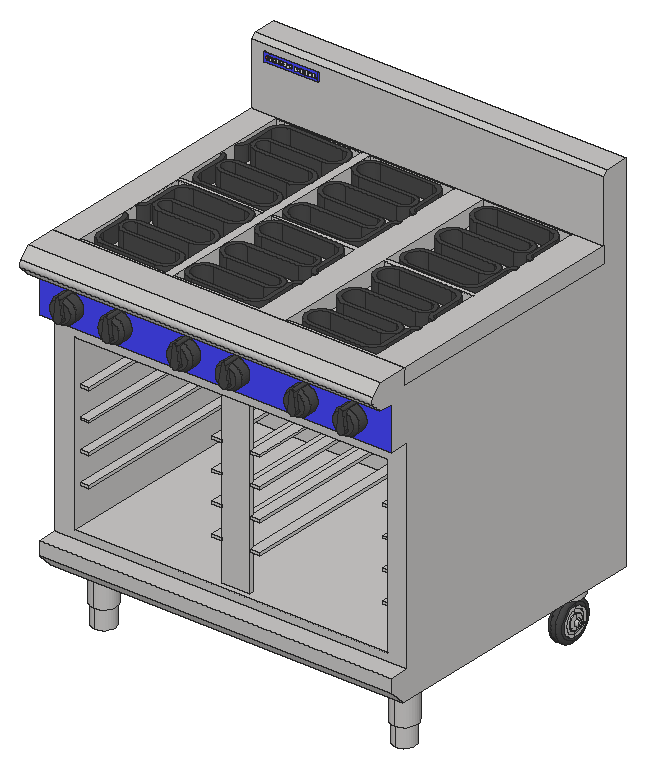
Revit family "QF_MOFFAT_BLUESEAL_CE_E516D-CB", category Specialty Equipment, Revit 2012 (continued)
Definition of nested family "ELECTRIC BURNER 900"
  Forms (mm)
    Extrusion 2, solid, material "QF_Finishes_Black"
      sketch origin (0, 15.7, 0) x (0, -1, 0) y (1, 0, 0)
        loop
          arc (458.75, 773.862) -> (431.05, 801.562) -> (403.35, 773.862) r 27.7
          line (403.35, 773.862) -> (403.35, 642.512)
          arc (403.35, 642.512) -> (375.65, 614.812) -> (347.95, 642.512) r 27.7
          line (347.95, 642.512) -> (347.95, 775.112)
          arc (347.95, 775.112) -> (355.045, 794.266) -> (373.596, 802.812) r 26.722
          line (373.596, 802.812) -> (444.804, 802.812)
          arc (444.804, 802.812) -> (460.695, 808.688) -> (469.581, 823.112) r 25.973
      from 0 to 40
  Lines and regions (mm)
    symbolic lines
      curve 1: line (246.212, -75.15, 0) -> (113.769, -75.15, 0)
      curve 2: arc (113.769, -75.15, 0) -> (86.069, -102.85, 0) -> (113.769, -130.55, 0) r 27.7
      curve 3: line (113.769, -130.55, 0) -> (246.212, -130.55, 0)
      curve 4: arc (246.212, -130.55, 0) -> (273.912, -158.25, 0) -> (246.212, -185.95, 0) r 27.7
      curve 5: line (246.212, -185.95, 0) -> (114.237, -185.95, 0)
      curve 6: arc (114.237, -185.95, 0) -> (86.537, -213.65, 0) -> (114.237, -241.35, 0) r 27.7
      curve 7: line (114.237, -241.35, 0) -> (246.212, -241.35, 0)
      curve 8: arc (246.212, -241.35, 0) -> (273.912, -269.05, 0) -> (246.212, -296.75, 0) r 27.7
      curve 9: line (246.212, -296.75, 0) -> (113.612, -296.75, 0)
      curve 10: arc (113.612, -296.75, 0) -> (94.459, -289.655, 0) -> (85.912, -271.104, 0) r 26.722
      curve 11: line (85.912, -271.104, 0) -> (85.912, -199.896, 0)
      curve 12: arc (85.912, -199.896, 0) -> (80.037, -184.005, 0) -> (65.612, -175.119, 0) r 25.973
      curve 13: line (65.612, -175.119, 0) -> (65.612, -185.532, 0)
      curve 14: arc (65.612, -185.532, 0) -> (72.964, -191.21, 0) -> (75.912, -200.019, 0) r 15.973
      curve 15: line (75.912, -200.019, 0) -> (75.912, -271.286, 0)
      curve 16: arc (75.912, -271.286, 0) -> (87.513, -296.851, 0) -> (113.784, -306.75, 0) r 36.722
      curve 17: line (113.784, -306.75, 0) -> (246.212, -306.75, 0)
      curve 18: arc (246.212, -306.75, 0) -> (283.912, -269.05, 0) -> (246.212, -231.35, 0) r 37.7
      curve 19: line (246.212, -231.35, 0) -> (113.612, -231.35, 0)
      curve 20: arc (113.612, -231.35, 0) -> (95.912, -213.65, 0) -> (113.612, -195.95, 0) r 17.7
      curve 21: line (113.612, -195.95, 0) -> (246.212, -195.95, 0)
      curve 22: arc (246.212, -195.95, 0) -> (283.912, -158.25, 0) -> (246.212, -120.55, 0) r 37.7
      curve 23: line (246.212, -120.55, 0) -> (113.612, -120.55, 0)
      curve 24: arc (113.612, -120.55, 0) -> (95.912, -102.85, 0) -> (113.612, -85.15, 0) r 17.7
      curve 25: line (113.612, -85.15, 0) -> (246.212, -85.15, 0)
      curve 26: arc (246.212, -85.15, 0) -> (283.912, -47.45, 0) -> (246.212, -9.75, 0) r 37.7
      curve 27: line (246.212, -9.75, 0) -> (113.784, -9.75, 0)
      curve 28: arc (113.784, -9.75, 0) -> (87.513, -19.649, 0) -> (75.912, -45.214, 0) r 36.722
      curve 29: line (75.912, -45.214, 0) -> (75.912, -116.493, 0)
      curve 30: arc (75.912, -116.493, 0) -> (72.972, -125.276, 0) -> (65.612, -130.9, 0) r 15.79
      curve 31: line (65.612, -130.9, 0) -> (65.612, -141.293, 0)
      curve 32: arc (65.612, -141.293, 0) -> (80.048, -132.472, 0) -> (85.912, -116.604, 0) r 25.79
      curve 33: line (85.912, -116.604, 0) -> (85.912, -45.396, 0)
      curve 34: arc (85.912, -45.396, 0) -> (94.459, -26.845, 0) -> (113.612, -19.75, 0) r 26.722
      curve 35: line (113.612, -19.75, 0) -> (246.212, -19.75, 0)
      curve 36: arc (246.212, -19.75, 0) -> (273.912, -47.45, 0) -> (246.212, -75.15, 0) r 27.7
      curve 37: line (474.956, -75.15, 0) -> (342.512, -75.15, 0)
      curve 38: arc (342.512, -75.15, 0) -> (314.812, -47.45, 0) -> (342.512, -19.75, 0) r 27.7
      curve 39: line (342.512, -19.75, 0) -> (475.112, -19.75, 0)
      curve 40: arc (475.112, -19.75, 0) -> (494.266, -26.845, 0) -> (502.812, -45.396, 0) r 26.722
      curve 41: line (502.812, -45.396, 0) -> (502.812, -116.604, 0)
      curve 42: arc (502.812, -116.604, 0) -> (508.677, -132.472, 0) -> (523.112, -141.293, 0) r 25.79
      curve 43: line (523.112, -141.293, 0) -> (523.112, -130.9, 0)
      curve 44: arc (523.112, -130.9, 0) -> (515.752, -125.276, 0) -> (512.812, -116.493, 0) r 15.79
      curve 45: line (512.812, -116.493, 0) -> (512.812, -45.214, 0)
      curve 46: arc (512.812, -45.214, 0) -> (501.211, -19.649, 0) -> (474.94, -9.75, 0) r 36.722
      curve 47: line (474.94, -9.75, 0) -> (342.512, -9.75, 0)
      curve 48: arc (342.512, -9.75, 0) -> (304.812, -47.45, 0) -> (342.512, -85.15, 0) r 37.7
      curve 49: line (342.512, -85.15, 0) -> (475.112, -85.15, 0)
      curve 50: arc (475.112, -85.15, 0) -> (492.812, -102.85, 0) -> (475.112, -120.55, 0) r 17.7
      curve 51: line (475.112, -120.55, 0) -> (342.512, -120.55, 0)
      curve 52: arc (342.512, -120.55, 0) -> (304.812, -158.25, 0) -> (342.512, -195.95, 0) r 37.7
      curve 53: line (342.512, -195.95, 0) -> (475.112, -195.95, 0)
      curve 54: arc (475.112, -195.95, 0) -> (492.812, -213.65, 0) -> (475.112, -231.35, 0) r 17.7
      curve 55: line (475.112, -231.35, 0) -> (342.512, -231.35, 0)
      curve 56: arc (342.512, -231.35, 0) -> (304.812, -269.05, 0) -> (342.512, -306.75, 0) r 37.7
      curve 57: line (342.512, -306.75, 0) -> (474.94, -306.75, 0)
      curve 58: arc (474.94, -306.75, 0) -> (501.211, -296.851, 0) -> (512.812, -271.286, 0) r 36.722
      curve 59: line (512.812, -271.286, 0) -> (512.812, -200.019, 0)
      curve 60: arc (512.812, -200.019, 0) -> (515.761, -191.21, 0) -> (523.112, -185.532, 0) r 15.973
      curve 61: line (523.112, -185.532, 0) -> (523.112, -175.119, 0)
      curve 62: arc (523.112, -175.119, 0) -> (508.688, -184.005, 0) -> (502.812, -199.896, 0) r 25.973
      curve 63: line (502.812, -199.896, 0) -> (502.812, -271.104, 0)
      curve 64: arc (502.812, -271.104, 0) -> (494.266, -289.655, 0) -> (475.112, -296.75, 0) r 26.722
      curve 65: line (475.112, -296.75, 0) -> (342.512, -296.75, 0)
      curve 66: arc (342.512, -296.75, 0) -> (314.812, -269.05, 0) -> (342.512, -241.35, 0) r 27.7
      curve 67: line (342.512, -241.35, 0) -> (474.487, -241.35, 0)
      curve 68: arc (474.487, -241.35, 0) -> (502.187, -213.65, 0) -> (474.487, -185.95, 0) r 27.7
      curve 69: line (474.487, -185.95, 0) -> (342.512, -185.95, 0)
      curve 70: arc (342.512, -185.95, 0) -> (314.812, -158.25, 0) -> (342.512, -130.55, 0) r 27.7
      curve 71: line (342.512, -130.55, 0) -> (474.956, -130.55, 0)
      curve 72: arc (474.956, -130.55, 0) -> (502.656, -102.85, 0) -> (474.956, -75.15, 0) r 27.7
      curve 73: line (774.956, -75.15, 0) -> (642.512, -75.15, 0)
      curve 74: arc (642.512, -75.15, 0) -> (614.812, -47.45, 0) -> (642.512, -19.75, 0) r 27.7
      curve 75: line (642.512, -19.75, 0) -> (775.112, -19.75, 0)
      curve 76: arc (775.112, -19.75, 0) -> (794.266, -26.845, 0) -> (802.812, -45.396, 0) r 26.722
      curve 77: line (802.812, -45.396, 0) -> (802.812, -116.604, 0)
      curve 78: arc (802.812, -116.604, 0) -> (808.677, -132.472, 0) -> (823.112, -141.293, 0) r 25.79
      curve 79: line (823.112, -141.293, 0) -> (823.112, -130.9, 0)
      curve 80: arc (823.112, -130.9, 0) -> (815.752, -125.276, 0) -> (812.812, -116.493, 0) r 15.79
      curve 81: line (812.812, -116.493, 0) -> (812.812, -45.214, 0)
      curve 82: arc (812.812, -45.214, 0) -> (801.211, -19.649, 0) -> (774.94, -9.75, 0) r 36.722
      curve 83: line (774.94, -9.75, 0) -> (642.512, -9.75, 0)
      curve 84: arc (642.512, -9.75, 0) -> (604.812, -47.45, 0) -> (642.512, -85.15, 0) r 37.7
      curve 85: line (642.512, -85.15, 0) -> (775.112, -85.15, 0)
      curve 86: arc (775.112, -85.15, 0) -> (792.812, -102.85, 0) -> (775.112, -120.55, 0) r 17.7
      curve 87: line (775.112, -120.55, 0) -> (642.512, -120.55, 0)
      curve 88: arc (642.512, -120.55, 0) -> (604.812, -158.25, 0) -> (642.512, -195.95, 0) r 37.7
      curve 89: line (642.512, -195.95, 0) -> (775.112, -195.95, 0)
      curve 90: arc (775.112, -195.95, 0) -> (792.812, -213.65, 0) -> (775.112, -231.35, 0) r 17.7
      curve 91: line (775.112, -231.35, 0) -> (642.512, -231.35, 0)
      curve 92: arc (642.512, -231.35, 0) -> (604.812, -269.05, 0) -> (642.512, -306.75, 0) r 37.7
      curve 93: line (642.512, -306.75, 0) -> (774.94, -306.75, 0)
      curve 94: arc (774.94, -306.75, 0) -> (801.211, -296.851, 0) -> (812.812, -271.286, 0) r 36.722
      curve 95: line (812.812, -271.286, 0) -> (812.812, -200.019, 0)
      curve 96: arc (812.812, -200.019, 0) -> (815.761, -191.21, 0) -> (823.112, -185.532, 0) r 15.973
      curve 97: line (823.112, -185.532, 0) -> (823.112, -175.119, 0)
      curve 98: arc (823.112, -175.119, 0) -> (808.688, -184.005, 0) -> (802.812, -199.896, 0) r 25.973
      curve 99: line (802.812, -199.896, 0) -> (802.812, -271.104, 0)
      curve 100: arc (802.812, -271.104, 0) -> (794.266, -289.655, 0) -> (775.112, -296.75, 0) r 26.722
      curve 101: line (775.112, -296.75, 0) -> (642.512, -296.75, 0)
      curve 102: arc (642.512, -296.75, 0) -> (614.812, -269.05, 0) -> (642.512, -241.35, 0) r 27.7
      curve 103: line (642.512, -241.35, 0) -> (774.487, -241.35, 0)
      curve 104: arc (774.487, -241.35, 0) -> (802.187, -213.65, 0) -> (774.487, -185.95, 0) r 27.7
      curve 105: line (774.487, -185.95, 0) -> (642.512, -185.95, 0)
      curve 106: arc (642.512, -185.95, 0) -> (614.812, -158.25, 0) -> (642.512, -130.55, 0) r 27.7
      curve 107: line (642.512, -130.55, 0) -> (774.956, -130.55, 0)
      curve 108: arc (774.956, -130.55, 0) -> (802.656, -102.85, 0) -> (774.956, -75.15, 0) r 27.7
      curve 109: line (642.512, -397.65, 0) -> (775.112, -397.65, 0)
      curve 110: arc (775.112, -397.65, 0) -> (792.812, -415.35, 0) -> (775.112, -433.05, 0) r 17.7
      curve 111: line (775.112, -433.05, 0) -> (642.512, -433.05, 0)
      curve 112: arc (642.512, -433.05, 0) -> (604.812, -470.75, 0) -> (642.512, -508.45, 0) r 37.7
      curve 113: line (642.512, -508.45, 0) -> (775.112, -508.45, 0)
      curve 114: arc (775.112, -508.45, 0) -> (792.812, -526.15, 0) -> (775.112, -543.85, 0) r 17.7
      curve 115: line (775.112, -543.85, 0) -> (642.512, -543.85, 0)
      curve 116: arc (642.512, -543.85, 0) -> (604.812, -581.55, 0) -> (642.512, -619.25, 0) r 37.7
      curve 117: line (642.512, -619.25, 0) -> (774.94, -619.25, 0)
      curve 118: arc (774.94, -619.25, 0) -> (801.211, -609.351, 0) -> (812.812, -583.786, 0) r 36.722
      curve 119: line (812.812, -583.786, 0) -> (812.812, -512.507, 0)
      curve 120: arc (812.812, -512.507, 0) -> (815.944, -503.462, 0) -> (823.725, -497.888, 0) r 15.79
      curve 121: line (823.725, -497.888, 0) -> (823.725, -487.582, 0)
      curve 122: arc (823.725, -487.582, 0) -> (808.876, -496.287, 0) -> (802.812, -512.396, 0) r 25.79
      curve 123: line (802.812, -512.396, 0) -> (802.812, -583.604, 0)
      curve 124: arc (802.812, -583.604, 0) -> (794.266, -602.155, 0) -> (775.112, -609.25, 0) r 26.722
      curve 125: line (775.112, -609.25, 0) -> (642.512, -609.25, 0)
      curve 126: arc (642.512, -609.25, 0) -> (614.812, -581.55, 0) -> (642.512, -553.85, 0) r 27.7
      curve 127: line (642.512, -553.85, 0) -> (773.862, -553.85, 0)
      curve 128: arc (773.862, -553.85, 0) -> (801.562, -526.15, 0) -> (773.862, -498.45, 0) r 27.7
      curve 129: line (773.862, -498.45, 0) -> (642.512, -498.45, 0)
      curve 130: arc (642.512, -498.45, 0) -> (614.812, -470.75, 0) -> (642.512, -443.05, 0) r 27.7
      curve 131: line (642.512, -443.05, 0) -> (773.862, -443.05, 0)
      curve 132: arc (773.862, -443.05, 0) -> (801.562, -415.35, 0) -> (773.862, -387.65, 0) r 27.7
      curve 133: line (773.862, -387.65, 0) -> (642.512, -387.65, 0)
      curve 134: arc (642.512, -387.65, 0) -> (614.812, -359.95, 0) -> (642.512, -332.25, 0) r 27.7
      curve 135: line (642.512, -332.25, 0) -> (775.112, -332.25, 0)
      curve 136: arc (775.112, -332.25, 0) -> (794.266, -339.345, 0) -> (802.812, -357.896, 0) r 26.722
      curve 137: line (802.812, -357.896, 0) -> (802.812, -429.104, 0)
      curve 138: arc (802.812, -429.104, 0) -> (808.688, -444.995, 0) -> (823.112, -453.881, 0) r 25.973
      curve 139: line (823.112, -453.881, 0) -> (823.112, -443.468, 0)
      curve 140: arc (823.112, -443.468, 0) -> (815.761, -437.79, 0) -> (812.812, -428.981, 0) r 15.973
      curve 141: line (812.812, -428.981, 0) -> (812.812, -357.714, 0)
      curve 142: arc (812.812, -357.714, 0) -> (801.211, -332.149, 0) -> (774.94, -322.25, 0) r 36.722
      curve 143: line (774.94, -322.25, 0) -> (642.512, -322.25, 0)
      curve 144: arc (642.512, -322.25, 0) -> (604.812, -359.95, 0) -> (642.512, -397.65, 0) r 37.7
      curve 145: line (342.512, -397.65, 0) -> (475.112, -397.65, 0)
      curve 146: arc (475.112, -397.65, 0) -> (492.812, -415.35, 0) -> (475.112, -433.05, 0) r 17.7
      curve 147: line (475.112, -433.05, 0) -> (342.512, -433.05, 0)
      curve 148: arc (342.512, -433.05, 0) -> (304.812, -470.75, 0) -> (342.512, -508.45, 0) r 37.7
      curve 149: line (342.512, -508.45, 0) -> (475.112, -508.45, 0)
      curve 150: arc (475.112, -508.45, 0) -> (492.812, -526.15, 0) -> (475.112, -543.85, 0) r 17.7
      curve 151: line (475.112, -543.85, 0) -> (342.512, -543.85, 0)
      curve 152: arc (342.512, -543.85, 0) -> (304.812, -581.55, 0) -> (342.512, -619.25, 0) r 37.7
      curve 153: line (342.512, -619.25, 0) -> (474.94, -619.25, 0)
      curve 154: arc (474.94, -619.25, 0) -> (501.211, -609.351, 0) -> (512.812, -583.786, 0) r 36.722
      curve 155: line (512.812, -583.786, 0) -> (512.812, -512.507, 0)
      curve 156: arc (512.812, -512.507, 0) -> (515.944, -503.462, 0) -> (523.725, -497.888, 0) r 15.79
      curve 157: line (523.725, -497.888, 0) -> (523.725, -487.582, 0)
      curve 158: arc (523.725, -487.582, 0) -> (508.876, -496.287, 0) -> (502.812, -512.396, 0) r 25.79
      curve 159: line (502.812, -512.396, 0) -> (502.812, -583.604, 0)
      curve 160: arc (502.812, -583.604, 0) -> (494.266, -602.155, 0) -> (475.112, -609.25, 0) r 26.722
      curve 161: line (475.112, -609.25, 0) -> (342.512, -609.25, 0)
      curve 162: arc (342.512, -609.25, 0) -> (314.812, -581.55, 0) -> (342.512, -553.85, 0) r 27.7
      curve 163: line (342.512, -553.85, 0) -> (473.862, -553.85, 0)
      curve 164: arc (473.862, -553.85, 0) -> (501.562, -526.15, 0) -> (473.862, -498.45, 0) r 27.7
      curve 165: line (473.862, -498.45, 0) -> (342.512, -498.45, 0)
      curve 166: arc (342.512, -498.45, 0) -> (314.812, -470.75, 0) -> (342.512, -443.05, 0) r 27.7
      curve 167: line (342.512, -443.05, 0) -> (473.862, -443.05, 0)
      curve 168: arc (473.862, -443.05, 0) -> (501.562, -415.35, 0) -> (473.862, -387.65, 0) r 27.7
      curve 169: line (473.862, -387.65, 0) -> (342.512, -387.65, 0)
      curve 170: arc (342.512, -387.65, 0) -> (314.812, -359.95, 0) -> (342.512, -332.25, 0) r 27.7
      curve 171: line (342.512, -332.25, 0) -> (475.112, -332.25, 0)
      curve 172: arc (475.112, -332.25, 0) -> (494.266, -339.345, 0) -> (502.812, -357.896, 0) r 26.722
      curve 173: line (502.812, -357.896, 0) -> (502.812, -429.104, 0)
      curve 174: arc (502.812, -429.104, 0) -> (508.688, -444.995, 0) -> (523.112, -453.881, 0) r 25.973
      curve 175: line (523.112, -453.881, 0) -> (523.112, -443.468, 0)
      curve 176: arc (523.112, -443.468, 0) -> (515.761, -437.79, 0) -> (512.812, -428.981, 0) r 15.973
      curve 177: line (512.812, -428.981, 0) -> (512.812, -357.714, 0)
      curve 178: arc (512.812, -357.714, 0) -> (501.211, -332.149, 0) -> (474.94, -322.25, 0) r 36.722
      curve 179: line (474.94, -322.25, 0) -> (342.512, -322.25, 0)
      curve 180: arc (342.512, -322.25, 0) -> (304.812, -359.95, 0) -> (342.512, -397.65, 0) r 37.7
      curve 181: line (246.212, -387.65, 0) -> (114.862, -387.65, 0)
      curve 182: arc (114.862, -387.65, 0) -> (87.162, -415.35, 0) -> (114.862, -443.05, 0) r 27.7
      curve 183: line (114.862, -443.05, 0) -> (246.212, -443.05, 0)
      curve 184: arc (246.212, -443.05, 0) -> (273.912, -470.75, 0) -> (246.212, -498.45, 0) r 27.7
      curve 185: line (246.212, -498.45, 0) -> (114.862, -498.45, 0)
      curve 186: arc (114.862, -498.45, 0) -> (87.162, -526.15, 0) -> (114.862, -553.85, 0) r 27.7
      curve 187: line (114.862, -553.85, 0) -> (246.212, -553.85, 0)
      curve 188: arc (246.212, -553.85, 0) -> (273.912, -581.55, 0) -> (246.212, -609.25, 0) r 27.7
      curve 189: line (246.212, -609.25, 0) -> (113.612, -609.25, 0)
      curve 190: arc (113.612, -609.25, 0) -> (94.459, -602.155, 0) -> (85.912, -583.604, 0) r 26.722
      curve 191: line (85.912, -583.604, 0) -> (85.912, -512.396, 0)
      curve 192: arc (85.912, -512.396, 0) -> (79.848, -496.287, 0) -> (65, -487.582, 0) r 25.79
      curve 193: line (65, -487.582, 0) -> (65, -497.888, 0)
      curve 194: arc (65, -497.888, 0) -> (72.781, -503.462, 0) -> (75.912, -512.507, 0) r 15.79
      curve 195: line (75.912, -512.507, 0) -> (75.912, -583.786, 0)
      curve 196: arc (75.912, -583.786, 0) -> (87.513, -609.351, 0) -> (113.784, -619.25, 0) r 36.722
      curve 197: line (113.784, -619.25, 0) -> (246.212, -619.25, 0)
      curve 198: arc (246.212, -619.25, 0) -> (283.912, -581.55, 0) -> (246.212, -543.85, 0) r 37.7
      curve 199: line (246.212, -543.85, 0) -> (113.612, -543.85, 0)
      curve 200: arc (113.612, -543.85, 0) -> (95.912, -526.15, 0) -> (113.612, -508.45, 0) r 17.7
      curve 201: line (113.612, -508.45, 0) -> (246.212, -508.45, 0)
      curve 202: arc (246.212, -508.45, 0) -> (283.912, -470.75, 0) -> (246.212, -433.05, 0) r 37.7
      curve 203: line (246.212, -433.05, 0) -> (113.612, -433.05, 0)
      curve 204: arc (113.612, -433.05, 0) -> (95.912, -415.35, 0) -> (113.612, -397.65, 0) r 17.7
      curve 205: line (113.612, -397.65, 0) -> (246.212, -397.65, 0)
      curve 206: arc (246.212, -397.65, 0) -> (283.912, -359.95, 0) -> (246.212, -322.25, 0) r 37.7
      curve 207: line (246.212, -322.25, 0) -> (113.784, -322.25, 0)
      curve 208: arc (113.784, -322.25, 0) -> (87.513, -332.149, 0) -> (75.912, -357.714, 0) r 36.722
      curve 209: line (75.912, -357.714, 0) -> (75.912, -428.981, 0)
      curve 210: arc (75.912, -428.981, 0) -> (72.964, -437.79, 0) -> (65.612, -443.468, 0) r 15.973
      curve 211: line (65.612, -443.468, 0) -> (65.612, -453.881, 0)
      curve 212: arc (65.612, -453.881, 0) -> (80.037, -444.995, 0) -> (85.912, -429.104, 0) r 25.973
      curve 213: line (85.912, -429.104, 0) -> (85.912, -357.896, 0)
      curve 214: arc (85.912, -357.896, 0) -> (94.459, -339.345, 0) -> (113.612, -332.25, 0) r 26.722
      curve 215: line (113.612, -332.25, 0) -> (246.212, -332.25, 0)
      curve 216: arc (246.212, -332.25, 0) -> (273.912, -359.95, 0) -> (246.212, -387.65, 0) r 27.7
      curve 217: line (0, 0, 0) -> (0, -635, 0)
      curve 218: line (0, -635, 0) -> (900, -635, 0)
      curve 219: line (900, -635, 0) -> (900, 0, 0)
      curve 220: line (900, 0, 0) -> (0, 0, 0)
      curve 221: line (65.8, -312.651, 0) -> (65.8, -5, 0)
      curve 222: line (65.8, -5, 0) -> (284.362, -5, 0)
      curve 223: line (284.362, -5, 0) -> (284.362, -312.651, 0)
      curve 224: line (284.362, -312.651, 0) -> (65.8, -312.651, 0)
      curve 225: line (304.362, -312.651, 0) -> (304.362, -5, 0)
      curve 226: line (304.362, -5, 0) -> (523.112, -5, 0)
      curve 227: line (523.112, -5, 0) -> (523.112, -312.651, 0)
      curve 228: line (523.112, -312.651, 0) -> (304.362, -312.651, 0)
      curve 229: line (594.362, -312.651, 0) -> (594.362, -5, 0)
      curve 230: line (594.362, -5, 0) -> (823.112, -5, 0)
      curve 231: line (823.112, -5, 0) -> (823.112, -312.651, 0)
      curve 232: line (823.112, -312.651, 0) -> (594.362, -312.651, 0)
      curve 233: line (823.112, -320.251, 0) -> (823.112, -630, 0)
      curve 234: line (823.112, -630, 0) -> (594.362, -630, 0)
      curve 235: line (594.362, -630, 0) -> (594.362, -320.251, 0)
      curve 236: line (594.362, -320.251, 0) -> (823.112, -320.251, 0)
      curve 237: line (523.112, -320.251, 0) -> (523.112, -630, 0)
      curve 238: line (523.112, -630, 0) -> (304.362, -630, 0)
      curve 239: line (304.362, -630, 0) -> (304.362, -320.251, 0)
      curve 240: line (304.362, -320.251, 0) -> (523.112, -320.251, 0)
      curve 241: line (284.362, -320.251, 0) -> (284.362, -630, 0)
      curve 242: line (284.362, -630, 0) -> (65.8, -630, 0)
      curve 243: line (65.8, -630, 0) -> (65.8, -320.251, 0)
      curve 244: line (65.8, -320.251, 0) -> (284.362, -320.251, 0)
  Dimensions and locks
    equal spacing: plane 3 "LEFT", plane 7 "Center Y", plane 4 "RIGHT"
    "Width": plane 3 "LEFT" to plane 4 "RIGHT"
    equal spacing: plane 5 "FRONT", plane 8 "Center X", plane 1 "BACK"
    "Depth": plane 5 "FRONT" to plane 1 "BACK"
    aligned and locked: level to plane 2
  Automatic sketch dimensions
    plane 1 "BACK" to Extrusion 1 sketch curve = 0 mm
    Extrusion 1 sketch curve to plane 9 = 0 mm  (x2)
    Extrusion 1 sketch curve to plane 3 "LEFT" = 0 mm
    plane 5 "FRONT" to Extrusion 1 sketch curve = 0 mm
    Extrusion 1 sketch curve to plane 4 "RIGHT" = 0 mm
    plane 1 "BACK" to Extrusion 1 sketch curve = 5 mm  (x3)
    plane 8 "Center X" to Extrusion 1 sketch curve = 4.849 mm  (x3)
    Extrusion 1 sketch curve to plane 8 "Center X" = 2.751 mm  (x3)
    Extrusion 1 sketch curve to plane 5 "FRONT" = 5 mm  (x3)
    Extrusion 1 sketch curve to plane 7 "Center Y" = 165.638 mm
    Extrusion 1 sketch curve to Extrusion 1 sketch curve = 0 mm  (x3)
    Extrusion 1 sketch curve to Extrusion 1 sketch curve = 20 mm
    plane 7 "Center Y" to Extrusion 1 sketch curve = 73.112 mm  (x2)
    Extrusion 1 sketch curve to Extrusion 1 sketch curve = 71.25 mm  (x2)
    plane 4 "RIGHT" to Extrusion 1 sketch curve = 76.888 mm
    Extrusion 2 sketch curve to Extrusion 2 sketch curve = 0 mm  (x110)
    plane 1 "BACK" to Extrusion 2 sketch curve = 9.75 mm  (x3)
    Extrusion 2 sketch curve to Extrusion 2 sketch curve = 10 mm  (x6)
    plane 1 "BACK" to Extrusion 2 sketch curve = 45.214 mm  (x3)
    Extrusion 2 sketch curve to Extrusion 2 sketch curve = 0.182 mm  (x12)
    Extrusion 2 sketch curve to Extrusion 2 sketch curve = 26.704 mm  (x11)
    Extrusion 2 sketch curve to Extrusion 2 sketch curve = 27.7 mm  (x20)
    Extrusion 2 sketch curve to Extrusion 2 sketch curve = 17.7 mm  (x12)
    Extrusion 2 sketch curve to Extrusion 2 sketch curve = 4.457 mm  (x3)
    Extrusion 2 sketch curve to Extrusion 2 sketch curve = 0.4 mm  (x5)
    Extrusion 2 sketch curve to Extrusion 2 sketch curve = 0.111 mm  (x6)
    Extrusion 2 sketch curve to Extrusion 2 sketch curve = 14.806 mm  (x3)
    Extrusion 2 sketch curve to Extrusion 2 sketch curve = 10.393 mm  (x3)
    Extrusion 2 sketch curve to Extrusion 2 sketch curve = 33.826 mm  (x3)
    Extrusion 2 sketch curve to Extrusion 2 sketch curve = 10.413 mm  (x6)
    Extrusion 2 sketch curve to Extrusion 2 sketch curve = 14.364 mm  (x3)
    Extrusion 2 sketch curve to Extrusion 2 sketch curve = 0.123 mm  (x6)
    Extrusion 2 sketch curve to Extrusion 2 sketch curve = 14.934 mm  (x4)
    Extrusion 2 sketch curve to Extrusion 2 sketch curve = 0.447 mm  (x5)
    Extrusion 2 sketch curve to Extrusion 2 sketch curve = 1.058 mm  (x7)
    Extrusion 2 sketch curve to plane 8 "Center X" = 4.75 mm  (x3)
    Extrusion 2 sketch curve to plane 8 "Center X" = 40.214 mm  (x3)
    Extrusion 2 sketch curve to Extrusion 2 sketch curve = 4.516 mm  (x3)
    Extrusion 2 sketch curve to Extrusion 2 sketch curve = 33.7 mm  (x3)
    Extrusion 2 sketch curve to Extrusion 2 sketch curve = 10.306 mm  (x3)
    Extrusion 2 sketch curve to Extrusion 2 sketch curve = 14.508 mm  (x3)
    Extrusion 2 sketch curve to Extrusion 2 sketch curve = 15.019 mm
    plane 3 "LEFT" to Extrusion 2 sketch curve = 59.946 mm  (x2)
    plane 3 "LEFT" to Extrusion 2 sketch curve = 60.128 mm  (x2)
    Extrusion 2 sketch curve to Extrusion 2 sketch curve = 4.872 mm
    Extrusion 2 sketch curve to Extrusion 2 sketch curve = 5.484 mm
    Extrusion 2 sketch curve to Extrusion 2 sketch curve = 5.667 mm  (x2)
    Extrusion 2 sketch curve to Extrusion 2 sketch curve = 26.701 mm  (x4)
    Extrusion 2 sketch curve to Extrusion 2 sketch curve = 0.999 mm  (x6)
    Extrusion 2 sketch curve to Extrusion 2 sketch curve = 0.156 mm  (x3)
    Extrusion 2 sketch curve to Extrusion 2 sketch curve = 0.625 mm  (x3)
    Extrusion 2 sketch curve to Extrusion 2 sketch curve = 1.25 mm  (x6)
    Extrusion 2 sketch curve to Extrusion 2 sketch curve = 132.428 mm
    Extrusion 2 sketch curve to Extrusion 2 sketch curve = 132.6 mm
    Extrusion 2 sketch curve to Extrusion 2 sketch curve = 96.3 mm  (x3)
    plane 7 "Center Y" to Extrusion 2 sketch curve = 23.862 mm  (x2)
    plane 7 "Center Y" to Extrusion 2 sketch curve = 24.487 mm
    plane 7 "Center Y" to Extrusion 2 sketch curve = 24.94 mm  (x3)
    plane 7 "Center Y" to Extrusion 2 sketch curve = 24.956 mm
    Extrusion 2 sketch curve to Extrusion 2 sketch curve = 0.172 mm  (x8)
    plane 7 "Center Y" to Extrusion 2 sketch curve = 26.111 mm  (x4)
    Extrusion 2 sketch curve to Extrusion 2 sketch curve = 129.7 mm  (x2)
    plane 4 "RIGHT" to Extrusion 2 sketch curve = 126.138 mm
    plane 4 "RIGHT" to Extrusion 2 sketch curve = 125.513 mm
    Extrusion 2 sketch curve to Extrusion 2 sketch curve = 0.453 mm
    plane 4 "RIGHT" to Extrusion 2 sketch curve = 125.06 mm
    Extrusion 2 sketch curve to Extrusion 2 sketch curve = 1.078 mm
    Extrusion 2 sketch curve to Extrusion 2 sketch curve = 0.016 mm
    curve 4 to curve 22 = 0 mm  (x2)
    curve 8 to curve 18 = 0 mm  (x2)
    curve 10 to curve 16 = 0 mm  (x2)
    curve 12 to curve 14 = 0 mm  (x2)
    curve 26 to curve 36 = 0 mm  (x2)
    curve 28 to curve 34 = 0 mm  (x2)
    curve 30 to curve 32 = 0 mm  (x2)
    plane 3 "LEFT" to curve 14 = 59.946 mm
    plane 3 "LEFT" to curve 32 = 60.128 mm
    curve 12 to curve 14 = 5.667 mm
    curve 30 to curve 32 = 5.484 mm
    curve 30 to curve 30 = 15.784 mm
    plane 8 "Center X" to curve 16 = 46.214 mm
    curve 12 to curve 16 = 15.967 mm
    curve 14 to curve 11 = 10 mm
    curve 29 to curve 32 = 10 mm
    curve 33 to curve 34 = 26.701 mm
    curve 11 to curve 10 = 26.701 mm
    curve 10 to curve 9 = 0.999 mm
    curve 33 to curve 24 = 27.7 mm
    curve 28 to curve 35 = 0.999 mm
    curve 12 to curve 21 = 27.7 mm
    curve 25 to curve 1 = 0.156 mm
    curve 35 to curve 27 = 0.172 mm
    curve 10 to curve 16 = 0.172 mm
    curve 20 to curve 7 = 0.625 mm
    curve 10 to curve 8 = 133.599 mm
    curve 25 to curve 25 = 132.6 mm
    curve 23 to curve 25 = 0 mm
    plane 8 "Center X" to curve 8 = 20.75 mm
    curve 16 to curve 10 = 10 mm
    curve 8 to curve 18 = 27.7 mm
    curve 19 to curve 6 = 17.7 mm
    curve 20 to curve 6 = 0 mm
    curve 12 to curve 20 = 4.516 mm
    curve 12 to curve 14 = 0.447 mm
    curve 14 to curve 12 = 0.123 mm
    curve 4 to curve 4 = 27.7 mm
    curve 12 to curve 32 = 33.826 mm
    curve 32 to curve 31 = 10.393 mm
    curve 30 to curve 33 = 14.296 mm
    curve 23 to curve 2 = 17.7 mm
    curve 24 to curve 2 = 0 mm
    curve 1 to curve 26 = 27.7 mm
    curve 34 to curve 34 = 26.704 mm
    curve 38 to curve 48 = 0 mm  (x2)
    curve 40 to curve 46 = 0 mm  (x2)
    curve 42 to curve 44 = 0 mm  (x2)
    curve 52 to curve 70 = 0 mm  (x2)
    curve 56 to curve 66 = 0 mm  (x2)
    curve 58 to curve 64 = 0 mm  (x2)
    curve 60 to curve 62 = 0 mm  (x2)
    plane 8 "Center X" to curve 66 = 20.75 mm
    curve 8 to curve 66 = 96.3 mm
    curve 36 to curve 37 = 96.3 mm
    curve 53 to curve 56 = 0 mm
    plane 7 "Center Y" to curve 68 = 24.487 mm
    plane 1 "BACK" to curve 47 = 9.75 mm
    plane 7 "Center Y" to curve 47 = 24.94 mm
    plane 7 "Center Y" to curve 58 = 24.94 mm
    plane 7 "Center Y" to curve 72 = 24.956 mm
    curve 67 to curve 54 = 0.625 mm
    curve 71 to curve 51 = 0.156 mm
    curve 47 to curve 39 = 0.172 mm
    curve 57 to curve 65 = 0.172 mm
    plane 7 "Center Y" to curve 58 = 26.111 mm
    plane 7 "Center Y" to curve 40 = 26.111 mm
    curve 40 to curve 40 = 26.701 mm
    curve 53 to curve 62 = 27.7 mm
    curve 40 to curve 46 = 10 mm
    curve 63 to curve 58 = 10 mm
    curve 44 to curve 43 = 10.3 mm
    curve 59 to curve 61 = 10.3 mm
    curve 43 to curve 42 = 5.484 mm
    curve 59 to curve 60 = 15.967 mm
    curve 57 to curve 65 = 10 mm
    curve 64 to curve 58 = 25.464 mm
    curve 65 to curve 56 = 27.7 mm
    curve 55 to curve 68 = 17.7 mm
    curve 68 to curve 54 = 0 mm
    curve 62 to curve 53 = 4.516 mm
    curve 60 to curve 59 = 0.447 mm
    curve 59 to curve 63 = 0.123 mm
    curve 70 to curve 52 = 27.7 mm
    curve 62 to curve 42 = 33.826 mm
    curve 42 to curve 43 = 10.393 mm
    curve 43 to curve 41 = 14.296 mm
    curve 50 to curve 50 = 17.7 mm
    curve 72 to curve 50 = 0 mm
    curve 46 to curve 40 = 26.704 mm
    curve 74 to curve 84 = 0 mm  (x2)
    curve 76 to curve 82 = 0 mm  (x2)
    curve 78 to curve 80 = 0 mm  (x2)
    curve 88 to curve 106 = 0 mm  (x2)
    curve 92 to curve 102 = 0 mm  (x2)
    curve 94 to curve 100 = 0 mm  (x2)
    curve 96 to curve 98 = 0 mm  (x2)
    curve 42 to curve 107 = 113.916 mm
    curve 73 to curve 88 = 0 mm
    curve 103 to curve 89 = 0 mm
    plane 4 "RIGHT" to curve 105 = 125.513 mm
    plane 8 "Center X" to curve 94 = 10.75 mm
    curve 103 to curve 94 = 0.453 mm
    plane 1 "BACK" to curve 82 = 9.75 mm
    plane 4 "RIGHT" to curve 82 = 125.06 mm
    curve 104 to curve 108 = 0.469 mm
    curve 103 to curve 90 = 0.625 mm
    curve 73 to curve 85 = 0.156 mm
    curve 83 to curve 75 = 0.172 mm
    curve 94 to curve 100 = 0.172 mm
    curve 75 to curve 76 = 0.999 mm
    curve 100 to curve 94 = 0.999 mm
    curve 76 to curve 77 = 26.701 mm
    curve 89 to curve 98 = 27.7 mm
    curve 76 to curve 82 = 10 mm
    curve 99 to curve 95 = 10 mm
    curve 80 to curve 78 = 10.3 mm
    curve 95 to curve 96 = 10.3 mm
    curve 79 to curve 78 = 5.484 mm
    curve 97 to curve 98 = 5.667 mm
    curve 93 to curve 102 = 10 mm
    curve 100 to curve 95 = 25.464 mm
    curve 101 to curve 102 = 27.7 mm
    curve 91 to curve 90 = 17.7 mm
    curve 104 to curve 90 = 0 mm
    curve 98 to curve 89 = 4.516 mm
    curve 96 to curve 96 = 0.447 mm
    curve 95 to curve 99 = 0.123 mm
    curve 106 to curve 106 = 27.7 mm
    curve 98 to curve 79 = 33.826 mm
    curve 78 to curve 79 = 10.393 mm
    curve 79 to curve 78 = 14.296 mm
    curve 87 to curve 108 = 17.7 mm
    curve 108 to curve 86 = 0 mm
    curve 76 to curve 75 = 26.704 mm
    curve 112 to curve 130 = 0 mm  (x2)
    curve 116 to curve 126 = 0 mm  (x2)
    curve 118 to curve 124 = 0 mm  (x2)
    curve 120 to curve 122 = 0 mm  (x2)
    curve 134 to curve 144 = 0 mm  (x2)
    curve 136 to curve 142 = 0 mm  (x2)
    curve 138 to curve 140 = 0 mm  (x2)
    curve 144 to curve 92 = 0 mm
    curve 131 to curve 109 = 0 mm
    curve 127 to curve 112 = 0 mm
    plane 4 "RIGHT" to curve 131 = 126.138 mm
    curve 128 to curve 131 = 0 mm
    curve 142 to plane 8 "Center X" = 4.75 mm
    curve 142 to curve 93 = 0 mm
    curve 117 to plane 5 "FRONT" = 15.75 mm
    curve 127 to curve 117 = 1.078 mm
    curve 117 to curve 124 = 0.172 mm
    curve 143 to curve 136 = 0.172 mm
    curve 132 to curve 110 = 1.25 mm
    curve 129 to curve 113 = 1.25 mm
    curve 124 to curve 118 = 0.999 mm
    curve 135 to curve 136 = 0.999 mm
    curve 113 to curve 122 = 27.7 mm
    curve 110 to curve 137 = 27.7 mm
    curve 138 to curve 140 = 10 mm
    curve 122 to curve 120 = 10 mm
    curve 141 to curve 138 = 10.3 mm
    curve 119 to curve 121 = 10.912 mm
    curve 120 to curve 122 = 15.784 mm
    curve 140 to curve 140 = 15.967 mm
    curve 117 to curve 126 = 10 mm
    curve 124 to curve 119 = 25.464 mm
    curve 125 to curve 126 = 27.7 mm
    curve 115 to curve 114 = 17.7 mm
    curve 128 to curve 114 = 0 mm
    curve 120 to curve 113 = 4.457 mm
    curve 120 to curve 120 = 0.4 mm
    curve 119 to curve 123 = 0.111 mm
    curve 129 to curve 112 = 27.7 mm
    curve 121 to curve 139 = 33.7 mm
    curve 138 to curve 139 = 10.413 mm
    curve 139 to curve 137 = 14.364 mm
    curve 111 to curve 132 = 17.7 mm
    curve 132 to curve 110 = 0 mm
    curve 136 to curve 135 = 26.704 mm
    curve 148 to curve 166 = 0 mm  (x2)
    curve 152 to curve 162 = 0 mm  (x2)
    curve 154 to curve 160 = 0 mm  (x2)
    curve 156 to curve 158 = 0 mm  (x2)
    curve 170 to curve 180 = 0 mm  (x2)
    curve 172 to curve 178 = 0 mm  (x2)
    curve 174 to curve 176 = 0 mm  (x2)
    curve 180 to plane 8 "Center X" = 4.75 mm
    curve 180 to curve 56 = 0 mm
    curve 167 to curve 145 = 0 mm
    curve 163 to curve 148 = 0 mm
    plane 7 "Center Y" to curve 167 = 23.862 mm
    plane 7 "Center Y" to curve 163 = 23.862 mm
    plane 7 "Center Y" to curve 154 = 24.94 mm
    curve 178 to curve 57 = 0 mm
    curve 153 to curve 160 = 0.172 mm
    curve 167 to curve 147 = 1.25 mm
    curve 163 to curve 151 = 1.25 mm
    curve 179 to curve 171 = 0.172 mm
    plane 7 "Center Y" to curve 178 = 26.111 mm
    plane 7 "Center Y" to curve 160 = 26.111 mm
    curve 146 to curve 174 = 27.7 mm
    curve 149 to curve 158 = 27.7 mm
    curve 160 to curve 154 = 10 mm
    curve 173 to curve 176 = 10 mm
    curve 176 to curve 175 = 10.3 mm
    curve 155 to curve 156 = 10.912 mm
    curve 155 to curve 158 = 15.784 mm
    curve 175 to curve 174 = 5.667 mm
    curve 152 to plane 5 "FRONT" = 15.75 mm
    curve 153 to curve 161 = 10 mm
    curve 160 to curve 155 = 25.464 mm
    curve 161 to curve 152 = 27.7 mm
    curve 151 to curve 150 = 17.7 mm
    curve 164 to curve 150 = 0 mm
    curve 158 to curve 149 = 4.457 mm
    curve 156 to curve 156 = 0.4 mm
    curve 155 to curve 159 = 0.111 mm
    curve 165 to curve 166 = 27.7 mm
    curve 157 to curve 175 = 33.7 mm
    curve 175 to curve 176 = 10.413 mm
    curve 175 to curve 173 = 14.364 mm
    curve 147 to curve 146 = 17.7 mm
    curve 168 to curve 146 = 0 mm
    curve 172 to curve 171 = 26.704 mm
    curve 184 to curve 202 = 0 mm  (x2)
    curve 188 to curve 198 = 0 mm  (x2)
    curve 190 to curve 196 = 0 mm  (x2)
    curve 192 to curve 194 = 0 mm  (x2)
    curve 206 to curve 216 = 0 mm  (x2)
    curve 208 to curve 214 = 0 mm  (x2)
    curve 210 to curve 212 = 0 mm  (x2)
    plane 3 "LEFT" to curve 212 = 59.946 mm
    plane 3 "LEFT" to curve 194 = 60.128 mm
    curve 192 to curve 193 = 4.872 mm
    curve 210 to curve 210 = 5.667 mm
    curve 192 to curve 195 = 15.784 mm
    curve 210 to curve 210 = 15.967 mm
    curve 209 to curve 213 = 10 mm
    curve 196 to curve 190 = 10 mm
    curve 190 to curve 190 = 26.701 mm
    curve 213 to curve 214 = 26.701 mm
    curve 208 to curve 204 = 0.999 mm
    curve 190 to curve 190 = 0.999 mm
    curve 191 to curve 200 = 27.7 mm
    curve 214 to plane 8 "Center X" = 14.75 mm
    curve 214 to curve 16 = 0.172 mm
    curve 190 to curve 196 = 0.172 mm
    curve 214 to curve 207 = 0.172 mm
    curve 204 to curve 183 = 1.25 mm
    curve 201 to curve 185 = 1.25 mm
    curve 205 to curve 18 = 0 mm
    curve 203 to curve 205 = 0 mm
    curve 199 to curve 201 = 0 mm
    curve 197 to plane 5 "FRONT" = 15.75 mm
    curve 197 to curve 188 = 10 mm
    curve 189 to curve 196 = 25.464 mm
    curve 189 to curve 188 = 27.7 mm
    curve 200 to curve 186 = 17.7 mm
    curve 200 to curve 186 = 0 mm
    curve 192 to curve 200 = 4.457 mm
    curve 192 to curve 194 = 0.4 mm
    curve 194 to curve 191 = 0.111 mm
    curve 184 to curve 202 = 27.7 mm
    curve 193 to curve 212 = 33.7 mm
    curve 212 to curve 211 = 10.413 mm
    curve 210 to curve 213 = 14.364 mm
    curve 203 to curve 204 = 17.7 mm
    curve 204 to curve 182 = 0 mm
    curve 214 to curve 215 = 26.704 mm
    plane 1 "BACK" to curve 220 = 0 mm
    curve 220 to plane 3 "LEFT" = 0 mm
    curve 219 to plane 4 "RIGHT" = 0 mm
    plane 5 "FRONT" to curve 219 = 0 mm
    plane 1 "BACK" to curve 221 = 5 mm
    curve 221 to curve 28 = 10.112 mm
    plane 8 "Center X" to curve 224 = 4.849 mm
    curve 17 to curve 224 = 38.15 mm
    plane 1 "BACK" to curve 226 = 5 mm
    curve 222 to curve 226 = 20 mm
    curve 45 to curve 226 = 10.3 mm
    plane 8 "Center X" to curve 225 = 4.849 mm
    plane 8 "Center X" to curve 232 = 4.849 mm
    curve 232 to curve 92 = 48.15 mm
    curve 94 to curve 232 = 10.3 mm
    plane 1 "BACK" to curve 231 = 5 mm
    curve 234 to plane 5 "FRONT" = 5 mm
    curve 234 to curve 116 = 48.15 mm
    curve 236 to plane 8 "Center X" = 2.751 mm
    curve 236 to curve 231 = 0 mm
    curve 239 to plane 5 "FRONT" = 5 mm
    curve 239 to curve 152 = 38.15 mm
    curve 240 to plane 8 "Center X" = 2.751 mm
    curve 240 to curve 227 = 0 mm
    curve 244 to plane 8 "Center X" = 2.751 mm
    curve 244 to curve 221 = 0 mm
    curve 241 to curve 223 = 0 mm
    curve 242 to plane 5 "FRONT" = 5 mm
Definition of nested family "WALDORF LOGO_FACE BASE"
  Parameters (values of type "WALDORF LOGO_FACE BASE")
    Show Logo [instance] = yes
    Default Elevation = 1219.2 mm
  Reference planes
    plane 1 "Center (Front/Back)": y = 0
    plane 2: z = 0
    plane 3 "Center (Left/Right)": x = 0
  Forms (mm)
    Extrusion 1, solid
      sketch origin (0, 0, 0) x (1, 0, 0) y (0, 1, 0)
        loop
          line (-1219.2, 1219.2) -> (-1219.2, -1219.2) -> (1219.2, -1219.2) -> (1219.2, 1219.2) -> (-1219.2, 1219.2)
      from 0 to -304.8
    Extrusion 2, solid, material "QF_Finishes_Blue", visible <- "Show Logo"
      sketch origin (0, -33.217, 0) x (1, 0, 0) y (0, 1, 0)
        loop
          arc (138, 31.942) -> (137.626, 32.844) -> (136.724, 33.217) r 1.276
          line (136.724, 33.217) -> (1.29, 33.217)
          arc (1.29, 33.217) -> (0.378, 32.839) -> (0, 31.927) r 1.29
          line (0, 31.927) -> (0, 11.507)
          arc (0, 11.507) -> (0.378, 10.595) -> (1.29, 10.217) r 1.29
          line (1.29, 10.217) -> (136.71, 10.217)
          arc (136.71, 10.217) -> (137.622, 10.595) -> (138, 11.507) r 1.29
          line (138, 11.507) -> (138, 31.942)
      from 0 to 1.588
    Extrusion 3, solid, material "QF_Finishes_White", visible <- "Show Logo"
      sketch origin (0, -33.217, 1.588) x (1, 0, 0) y (0, 1, 0)
        loop
          arc (108.946, 25.919) -> (107.613, 25.367) -> (107.061, 24.034) r 1.885
          line (107.061, 24.034) -> (107.061, 17.211) -> (112.704, 17.211) -> (112.704, 19.129) -> (115.546, 19.129) -> (115.546, 17.211) -> (121.584, 17.211) -> (121.584, 24.075)
          arc (121.584, 24.075) -> (121.043, 25.379) -> (119.739, 25.919) r 1.845
          line (119.739, 25.919) -> (108.946, 25.919)
        loop
          line (123.478, 25.919) -> (123.478, 17.163) -> (134.904, 17.163) -> (134.904, 19.129) -> (129.246, 19.129) -> (129.246, 25.919) -> (123.478, 25.919)
        loop
          line (112.704, 21.258) -> (115.546, 21.258) -> (115.546, 22.702)
          arc (115.546, 22.702) -> (115.344, 23.188) -> (114.858, 23.389) r 0.687
          line (114.858, 23.389) -> (113.363, 23.389)
          arc (113.363, 23.389) -> (112.897, 23.196) -> (112.704, 22.73) r 0.658
          line (112.704, 22.73) -> (112.704, 21.258)
        loop
          line (105.071, 25.919) -> (93.771, 25.919) -> (93.771, 17.163) -> (105.071, 17.163) -> (105.071, 19.063) -> (99.535, 19.063) -> (99.535, 20.437) -> (105.071, 20.437) -> (105.071, 22.278) -> (99.535, 22.278) -> (99.535, 23.587) -> (105.071, 23.587) -> (105.071, 25.919)
        loop
          line (91.104, 25.919) -> (79.541, 25.919)
          arc (79.541, 25.919) -> (78.558, 25.513) -> (78.152, 24.53) r 1.389
          line (78.152, 24.53) -> (78.152, 22.08)
          arc (78.152, 22.08) -> (78.558, 21.098) -> (79.541, 20.691) r 1.389
          line (79.541, 20.691) -> (86.346, 20.691) -> (86.346, 18.864) -> (83.266, 18.864) -> (83.266, 19.664) -> (78.152, 19.664) -> (78.152, 18.553)
          arc (78.152, 18.553) -> (78.558, 17.57) -> (79.541, 17.163) r 1.389
          line (79.541, 17.163) -> (91.063, 17.163)
          arc (91.063, 17.163) -> (92.045, 17.57) -> (92.452, 18.553) r 1.389
          line (92.452, 18.553) -> (92.452, 20.691)
          arc (92.452, 20.691) -> (92.045, 21.673) -> (91.063, 22.08) r 1.389
          line (91.063, 22.08) -> (83.266, 22.08) -> (83.266, 23.984) -> (86.346, 23.984) -> (86.346, 22.743) -> (92.452, 22.743) -> (92.452, 24.571)
          arc (92.452, 24.571) -> (92.057, 25.524) -> (91.104, 25.919) r 1.348
        loop
          line (70.705, 25.919) -> (59.405, 25.919) -> (59.405, 17.163) -> (70.705, 17.163) -> (70.705, 19.063) -> (65.169, 19.063) -> (65.169, 20.437) -> (70.705, 20.437) -> (70.705, 22.278) -> (65.169, 22.278) -> (65.169, 23.587) -> (70.705, 23.587) -> (70.705, 25.919)
        loop
          line (57.598, 25.919) -> (51.7, 25.919) -> (51.7, 20.18)
          arc (51.7, 20.18) -> (50.63, 19.11) -> (49.56, 20.18) r 1.07
          line (49.56, 20.18) -> (49.56, 25.919) -> (43.663, 25.919) -> (43.663, 19.049)
          arc (43.663, 19.049) -> (44.215, 17.716) -> (45.548, 17.163) r 1.885
          line (45.548, 17.163) -> (55.71, 17.163)
          arc (55.71, 17.163) -> (57.045, 17.716) -> (57.598, 19.051) r 1.887
          line (57.598, 19.051) -> (57.598, 25.919)
        loop
          line (31.62, 25.919) -> (31.62, 17.163) -> (43.046, 17.163) -> (43.046, 19.129) -> (37.388, 19.129) -> (37.388, 25.919) -> (31.62, 25.919)
        loop
          line (15.969, 25.919) -> (15.969, 17.163) -> (28.693, 17.163)
          arc (28.693, 17.163) -> (29.812, 17.627) -> (30.276, 18.746) r 1.582
          line (30.276, 18.746) -> (30.276, 20.447) -> (29.48, 21.243) -> (30.276, 22.039) -> (30.276, 24.332)
          arc (30.276, 24.332) -> (29.811, 25.454) -> (28.688, 25.919) r 1.587
          line (28.688, 25.919) -> (15.969, 25.919)
        loop
          line (21.449, 24.159) -> (21.449, 22.436) -> (23.862, 22.436)
          arc (23.862, 22.436) -> (24.723, 23.298) -> (23.862, 24.159) r 0.861
          line (23.862, 24.159) -> (21.449, 24.159)
        loop
          line (21.449, 20.244) -> (21.449, 18.522) -> (23.862, 18.522)
          arc (23.862, 18.522) -> (24.723, 19.383) -> (23.862, 20.244) r 0.861
          line (23.862, 20.244) -> (21.449, 20.244)
      from 0 to 0.2
    Extrusion 4, solid, material "QF_Finishes_Blue", visible <- "Show Logo"
      sketch origin (-126.498, -31.09, 1.588) x (1, 0, 0) y (0, 1, 0)
        loop
          line (136.738, 23.522) -> (136.738, 15.1)
          arc (136.738, 15.1) -> (140.756, 19.311) -> (136.738, 23.522) r 4.216
      from 0 to 0.2
    Extrusion 5, solid, material "QF_Finishes_Red", visible <- "Show Logo"
      sketch origin (146.849, -31.09, 1.588) x (-1, 0, 0) y (0, -1, 0)
        loop
          arc (136.738, -23.522) -> (140.756, -19.311) -> (136.738, -15.1) r 4.216
          line (136.738, -15.1) -> (136.738, -23.522)
      from 0 to 0.2
  Lines and regions (mm)
    Split face 1
      outline origin (-90.35, -30.793, 1.588) x (1, 0, 0) y (0, 1, 0)
        loop
          circle (100.54, 19.013) r 4.536
  Dimensions and locks
    aligned and locked: plane 2 to Extrusion 1
    aligned and locked: level to Extrusion 1
